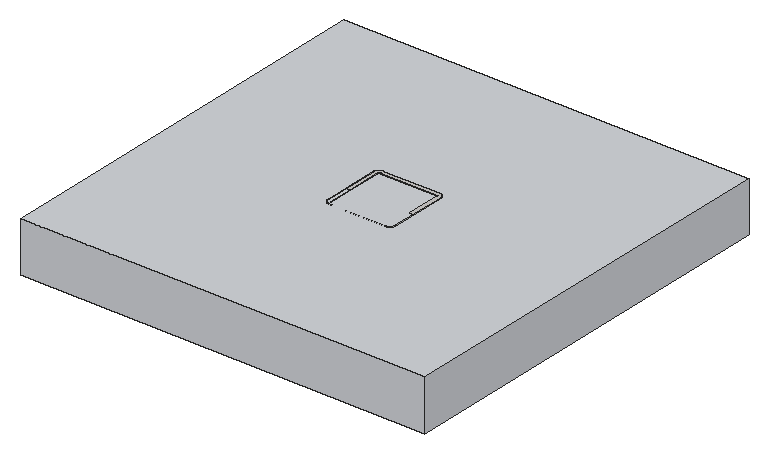
Revit family
Parameters (values of type "3669")
  Waste Connection = yes
  WFU = 0
  Voltage = 0
  Vent Connection = no
  URL = "http://www.neo-metro.com"
  Type Comments = ""
  Tempered Water Connection = no
  Revised Date = "04/25/13"
  Phone# = "626-336-4561"
  OF - Overflow Waste Outlet = no
  Model = "3669"
  Material = 14 gage, Type 304 stainless steel
  Manufacturer = "Neo-Metro"
  HWFU = 0
  HW Connection = no
  Designed By = "ATS BIM Team"
  Description = "16\" Length Shallow Ebb Basin"
  Default Elevation = 0.000"
  CWFU = 0
  CW Connection = no
  Assembly Code = "D2010300"
  Amperage = 0
  3669-HP - Mira (high polish) = no
  3669-EG-22 - Black Matte Powdercoat = no
  3669-EG-10 - White Gloss Powdercoat = no
  3669 - Satin Shallow Ebb Basin = yes
Reference planes (in)
  plane 1 "Center (Front/Back)": y = 0
  plane 2: z = 0
  plane 3 "Center (Left/Right)": x = 0
  plane 4: z = -3.815
  plane 5: z = -1.928
  plane 6: z = -2.641
  plane 7: x = 8
  plane 8: x = -8
  plane 9: y = -8
  plane 10: y = 8
  plane 11: x = -7
  plane 12: x = 7
  plane 13: y = 7
  plane 14: y = -7
Forms (in)
  Extrusion 1, solid
    sketch origin (0, 0, 0) x (1, 0, 0) y (0, 1, 0)
      loop
        line (-48, 48) -> (-48, -48) -> (48, -48) -> (48, 48) -> (-48, 48)
    from 0 to -12
  Extrusion 2, solid, material "14 gage, Type 304 stainless steel" <- "Material"
    sketch origin (0, 8, -0.0625) x (0, -1, 0) y (1, 0, 0)
      loop
        arc (16, 6.5) -> (15.56066, 7.56066) -> (14.5, 8) r 1.5
        line (14.5, 8) -> (1.5, 8)
        arc (1.5, 8) -> (0.43934, 7.56066) -> (0, 6.5) r 1.5
        line (0, 6.5) -> (0, -6.5)
        arc (0, -6.5) -> (0.43934, -7.56066) -> (1.5, -8) r 1.5
        line (1.5, -8) -> (14.5, -8)
        arc (14.5, -8) -> (15.56066, -7.56066) -> (16, -6.5) r 1.5
        line (16, -6.5) -> (16, 6.5)
      loop
        line (1, -7) -> (15, -7) -> (15, 7) -> (1, 7) -> (1, -7)
    from 0 to 0.0625
  Extrusion 3, solid, material "14 gage, Type 304 stainless steel" <- "Material"
    sketch origin (-0.1, 11, -0.0625) x (0, 0, 1) y (0, -1, 0)
      loop
        line (0, 4) -> (0, 4.03125) -> (-1.83709, 4.03125) -> (-2.54725, 11.46746) -> (-2.54725, 13.42187) -> (-1.28125, 13.42187) -> (-1.28125, 10.3863) -> (0.03146, 18) -> (0, 18) -> (-1.25, 10.75) -> (-1.25, 13.45312) -> (-2.5785, 13.45312) -> (-2.5785, 11.46597) -> (-1.8655, 4) -> (0, 4)
    from -7.9 to 8.1
  Sweep 4, solid, material "14 gage, Type 304 stainless steel" <- "Material"
    path origin (0, 8.76608, -0.315) x (0, 0, 1) y (0, -1, 0)
      loop
        arc (-2.326, 9.43796) -> (-3.15614, 9.0941) -> (-3.5, 8.26396) r 1.174
        line (-3.5, 8.26396) -> (-3.5, 7.50046)
    profile origin (0, 0.50212, -3.815) x (0, 0, 1) y (1, 0, 0)
      loop
        circle (0, 0) r 0.75
  Extrusion 5, solid, material "14 gage, Type 304 stainless steel" <- "Material"
    sketch origin (-0.61562, 0.3752, -0.0625) x (0, 1, 0) y (0, 0, 1)
      loop
        line (-7.3752, 0) -> (-0.1252, -1.25) -> (-2.82833, -1.25) -> (-2.82833, -2.5785) -> (-0.84117, -2.5785) -> (6.6248, -1.8655) -> (6.6248, 0) -> (-7.3752, 0)
    from 8.6 to 8.61563
  Extrusion 6, solid, material "14 gage, Type 304 stainless steel" <- "Material"
    sketch origin (0.61563, 0.3752, -0.0625) x (0, 1, 0) y (0, 0, -1)
      loop
        line (-7.3752, 0) -> (6.6248, 0) -> (6.6248, 1.83411) -> (-0.84266, 2.54725) -> (-2.82833, 2.54725) -> (-2.82833, 1.25) -> (-0.1252, 1.25) -> (-7.3752, 0)
    from 8.6 to 8.61563
Cuts and joins
  joined: Extrusion 2, Extrusion 3, Sweep 4, Extrusion 5, Extrusion 6
Dimensions and locks (in)
  Extrusion 2 to plane 4 = 3.815"
  plane 5 to plane 2 = 1.928"
  plane 2 to plane 6 = 2.641"
  plane 8 to plane 7 = 16.000"
  plane 10 to plane 9 = 16.000"
  plane 11 to plane 12 = 14.000"
  plane 13 to plane 14 = 14.000"
  aligned and locked: plane 2 to Extrusion 1
  aligned and locked: level to Extrusion 1
Connectors (in)
  piping at (0, 1.26562, -3.815)
    settings: on cut or joined group of Extrusion 2, Extrusion 3, Sweep 4, Extrusion 5, Extrusion 6, index 1
